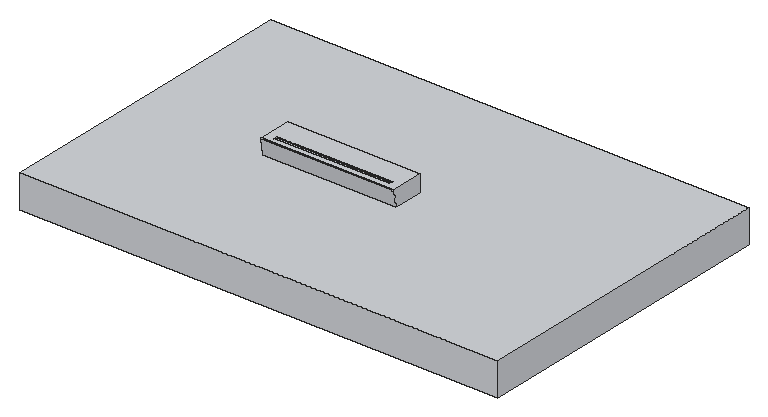
Revit family
Parameters
  Width = 1' - 0"
  URL = "www.coldspringgranite.com"
  TypicalJointSize = 0' - 0 1/4"
  StopCarborundumRight = 0' - 3"
  StopCarborundumLeft = 0' - 3"
  StoneMaterial = none
  SettingSpace = AirGap + Height  # 0' - 7 1/8"
  RightCarborundumVisibilityOn = not(RightCarborundumVisibilityOff)  # no
  RightCarborundumVisibilityOff = StopCarborundumRight > 0' 0"  # yes
  Product Name = "Stair Tread Stone for Cubic Application - Splayed Front Edge with One Carborundum Strip"
  Product Documentation Link = "http://www.coldspringgranite.com/BIM_Families/Family_Detail/Stair_Tread_Stone_for_Cubic_Application_-_Splayed_Front_Edge_with_One_Carborundum_Strip/"
  PhoneNumber = "800-551-7502"
  Notes = ""
  NosingRadius = 0' - 0 1/4"
  Model = "N/A"
  Manufacturer = "Cold Spring Granite Company"
  Low Emitting Material = yes
  Low Emitting Finish = yes
  Location = "17482 Granite West Road, Cold Spring, MN 56320-4578"
  Length = 4' - 0"
  LeftCarborundumVisibilityOff = StopCarborundumLeft > 0' 0"  # yes
  LEED Credit = ""
  Keynote = "096340"
  JointRightOff = no
  JointRight = if(JointRightOff, 0' 0", TypicalJointSize / 2)  # 0' - 0 1/8"
  JointLeftOff = no
  JointLeft = if(JointLeftOff, 0' 0", TypicalJointSize / 2)  # 0' - 0 1/8"
  Height = 0' - 6 1/8"
  HeadSize = 0' - 6"
  Description = "Stone Stair Tread Cubic Splayed Single Carborundum"
  Default Elevation = 0' - 0"
  CarborundumWidth = 0' - 1 1/2"
  LeftCarborundumVisibilityOn = not(LeftCarborundumVisibilityOff)  # no
  CarborundumSetBack = 0' - 2"
  CarborundumDepth = 0' - 0 1/4"
  BackJointWidth = 0' - 3"
  Assembly Code = "C2010100"
  AngledHeadDepth = 0' - 1"
  AirGap = 0' - 1"
  ADA Compliant = yes
Reference planes (in)
  plane 1 "Center (Front/Back)": y = 0
  plane 2: z = 0
  plane 3 "Center (Left/Right)": x = 0
  plane 4 "StoneLeft": x = 0.125
  plane 5 "StoneRight": x = 47.875
  plane 6 "Right": x = 48
  plane 7 "CarborundumLeft": x = 3.125
  plane 8 "CarborundumRight": x = 44.875
  plane 9 "StoneBack": y = 12
  plane 10 "StoneFace": z = 7.125
  plane 11 "CarborundumBottom": z = 6.875
  plane 12 "HeadBottom": z = 1.125
  plane 13 "StoneBottom": z = 1
  plane 14 "CarborundumFront": y = 2
  plane 15 "CarborundumBack": y = 3.5
  plane 16 "BackJoint": y = 3
  plane 17 "AngleHead": y = 1
  plane 18 "NosingRadiusBottom": z = 6.875
Forms (in)
  Extrusion 1, solid
    sketch origin (0, 0, 0) x (1, 0, 0) y (0, 1, 0)
      loop
        line (-48, 64.5) -> (-48, -48) -> (124.0595, -48) -> (124.0595, 64.5) -> (-48, 64.5)
    from 0 to -12
  Extrusion 2, solid, material <- "StoneMaterial", detail levels medium+fine
    sketch origin (0, 0, 0) x (0, 1, 0) y (0, 0, 1)
      loop
        line (12, 1) -> (12, 7.125) -> (0.29512, 7.125)
        arc (0.29512, 7.125) -> (0.10436, 7.03659) -> (0.04852, 6.8339) r 0.25
        line (0.04852, 6.8339) -> (1.02083, 1) -> (12, 1)
    from 0.125 to 47.875
  Extrusion 3, void
    sketch origin (0, 0, 0) x (0, 1, 0) y (0, 0, 1)
      loop
        line (3.5, 7.125) -> (2, 7.125) -> (2, 6.875) -> (3.5, 6.875) -> (3.5, 7.125)
    from 3.125 to 44.875
  Extrusion 4, void
    sketch origin (0, 0, 0) x (0, 1, 0) y (0, 0, 1)
      loop
        line (3, 1.125) -> (1, 1.125) -> (1, 1) -> (3, 1) -> (3, 1.125)
    from 0.125 to 47.875
  Extrusion 5, solid, material <- "StoneMaterial", detail levels coarse
    sketch origin (0, 0, 0) x (0, 1, 0) y (0, 0, 1)
      loop
        line (12, 1) -> (12, 7.125) -> (0, 7.125) -> (1.02083, 1) -> (12, 1)
    from 0 to 48
Cuts and joins
  Extrusion 3, Extrusion 4 cuts Extrusion 2
Lines and regions (in)
  Masking region 1, detail levels coarse
    outline origin (0, 0, 0) x (1, 0, 0) y (0, 1, 0)
      loop
        line (0, 12) -> (0, 0) -> (48, 0) -> (48, 12) -> (0, 12)
  Masking region 2, detail levels medium+fine
    outline origin (0, 0, 0) x (1, 0, 0) y (0, 1, 0)
      loop
        line (0.125, 12) -> (0.125, 0) -> (47.875, 0) -> (47.875, 12) -> (0.125, 12)
  Masking region 3, detail levels coarse
    outline origin (0, 0, 0) x (1, 0, 0) y (0, 0, 1)
      loop
        line (0, 7.125) -> (0, 1) -> (48, 1) -> (48, 7.125) -> (0, 7.125)
  Masking region 4, detail levels medium+fine
    outline origin (0, 0, 0) x (1, 0, 0) y (0, 0, 1)
      loop
        line (0.125, 7.125) -> (0.125, 1.125) -> (47.875, 1.125) -> (47.875, 7.125) -> (0.125, 7.125)
  Masking region 5, detail levels fine
    outline origin (0, 0, 0) x (0, 1, 0) y (0, 0, 1)
      loop
        line (12, 7.125) -> (3.5, 7.125) -> (3.5, 6.875) -> (2, 6.875) -> (2, 7.125) -> (0.29512, 7.125) -> (0, 7.125) -> (0.04852, 6.8339) -> (1, 1.125) -> (3, 1.125) -> (3, 1) -> (12, 1) -> (12, 7.125)
  Masking region 6, visible <- "LeftCarborundumVisibilityOn", detail levels medium
    outline origin (0, 0, 0) x (0, 1, 0) y (0, 0, 1)
      loop
        line (12, 1) -> (12, 7.125) -> (3.5, 7.125) -> (3.5, 6.875) -> (2, 6.875) -> (2, 7.125) -> (0.29512, 7.125) -> (0, 7.125) -> (0.04852, 6.8339) -> (1, 1.125) -> (3, 1.125) -> (3, 1) -> (12, 1)
  Masking region 7, visible <- "LeftCarborundumVisibilityOff", detail levels medium
    outline origin (0, 0, 0) x (0, 1, 0) y (0, 0, 1)
      loop
        line (12, 1) -> (12, 7.125) -> (0.29512, 7.125) -> (0, 7.125) -> (0.04852, 6.8339) -> (1, 1.125) -> (3, 1.125) -> (3, 1) -> (12, 1)
  Masking region 8, detail levels coarse
    outline origin (0, 0, 0) x (0, 1, 0) y (0, 0, 1)
      loop
        line (12, 1) -> (12, 7.125) -> (0, 7.125) -> (1.02083, 1) -> (12, 1)
  Masking region 9, visible <- "RightCarborundumVisibilityOn", detail levels medium
    outline origin (48, 0, 0) x (0, 1, 0) y (0, 0, 1)
      loop
        line (0.04852, 6.8339) -> (1, 1.125) -> (3, 1.125) -> (3, 1) -> (12, 1) -> (12, 7.125) -> (3.5, 7.125) -> (3.5, 6.875) -> (2, 6.875) -> (2, 7.125) -> (0.29512, 7.125) -> (0, 7.125) -> (0.04852, 6.8339)
  Masking region 10, visible <- "RightCarborundumVisibilityOff", detail levels medium
    outline origin (48, 0, 0) x (0, 1, 0) y (0, 0, 1)
      loop
        line (0.29512, 7.125) -> (0, 7.125) -> (0.04852, 6.8339) -> (1, 1.125) -> (3, 1.125) -> (3, 1) -> (12, 1) -> (12, 7.125) -> (0.29512, 7.125)
  symbolic lines, detail levels medium+fine
    curve 1: line (3.125, 3.5, 0) -> (44.875, 3.5, 0)
    curve 2: line (44.875, 2, 0) -> (3.125, 2, 0)
    curve 3: line (44.875, 3.5, 0) -> (44.875, 2, 0)
    curve 8: line (3.125, 3.5, 0) -> (3.125, 2, 0)
    curve 9: arc (0, 0.29512, 7.125) -> (0, 0.10436, 7.03659) -> (0, 0.04852, 6.8339) r 0.25
  reference lines
    curve 4: line (0, 0, 7.125) -> (0, 1, 1.125)
    curve 5: line (0, 1.97306, -3.19269) -> (0, 0.77201, 4.01361)
    curve 6: line (0, 0.29512, 6.875) -> (0, 0.29512, 10.625)
    curve 7: line (0, 0.29512, 6.875) -> (0, -2.66407, 6.3818)
Dimensions and locks (in)
  "Length": plane 3 "Center (Left/Right)" to plane 6 "Right"
  "JointLeft": plane 3 "Center (Left/Right)" to plane 4 "StoneLeft"
  "JointRight": plane 5 "StoneRight" to plane 6 "Right"
  "Width": plane 1 "Center (Front/Back)" to plane 9 "StoneBack"
  "StopCarborundumLeft": plane 7 "CarborundumLeft" to plane 4 "StoneLeft"
  "StopCarborundumRight": plane 5 "StoneRight" to plane 8 "CarborundumRight"
  "Height": plane 10 "StoneFace" to plane 13 "StoneBottom"
  "SettingSpace": plane 10 "StoneFace" to plane 2
  "CarborundumDepth": plane 10 "StoneFace" to plane 11 "CarborundumBottom"
  "CarborundumSetBack": plane 14 "CarborundumFront" to plane 1 "Center (Front/Back)"
  "CarborundumWidth": plane 15 "CarborundumBack" to plane 14 "CarborundumFront"
  "HeadSize": plane 10 "StoneFace" to plane 12 "HeadBottom"
  "BackJointWidth": plane 16 "BackJoint" to plane 1 "Center (Front/Back)"
  "AngledHeadDepth": plane 17 "AngleHead" to plane 1 "Center (Front/Back)"
  "NosingRadius": plane 10 "StoneFace" to plane 18 "NosingRadiusBottom"
  "NosingRadius": curve 4 to curve 5
  "NosingRadius": radius of Extrusion 2 sketch curve
  angle plane 18 "NosingRadiusBottom" to curve 6 = 90.00°
  angle curve 5 to curve 7 = 90.00°
  aligned and locked: Extrusion 1 to plane 2
  aligned and locked: level to Extrusion 1
  aligned and locked: curve 1 to plane 15 "CarborundumBack"
  aligned and locked: curve 3 to plane 8 "CarborundumRight"
  aligned and locked: plane 1 "Center (Front/Back)" to curve 4
  aligned and locked: plane 10 "StoneFace" to curve 4
  aligned and locked: plane 12 "HeadBottom" to curve 4
  aligned and locked: plane 17 "AngleHead" to curve 4
  aligned and locked: plane 9 "StoneBack" to Extrusion 2 sketch curve
  aligned and locked: plane 13 "StoneBottom" to Extrusion 2 sketch curve
  aligned and locked: plane 10 "StoneFace" to Extrusion 2 sketch curve  (x2)
  aligned and locked: curve 6 to Extrusion 2 sketch curve
  aligned and locked: curve 7 to Extrusion 2 sketch curve
  aligned and locked: curve 4 to Extrusion 2 sketch curve
  aligned and locked: plane 5 "StoneRight" to Extrusion 2
  aligned and locked: Extrusion 2 to plane 4 "StoneLeft"
  aligned and locked: Extrusion 3 sketch curve to plane 10 "StoneFace"
  aligned and locked: Extrusion 3 sketch curve to plane 15 "CarborundumBack"
  aligned and locked: plane 11 "CarborundumBottom" to Extrusion 3 sketch curve
  aligned and locked: plane 14 "CarborundumFront" to Extrusion 3 sketch curve
  aligned: plane 5 "StoneRight" to Extrusion 3
  aligned: Extrusion 3 to plane 4 "StoneLeft"
  aligned and locked: Extrusion 4 sketch curve to plane 12 "HeadBottom"
  aligned and locked: plane 16 "BackJoint" to Extrusion 4 sketch curve
  aligned and locked: plane 13 "StoneBottom" to Extrusion 4 sketch curve
  aligned and locked: Extrusion 4 sketch curve to plane 17 "AngleHead"
  aligned and locked: Extrusion 4 to plane 4 "StoneLeft"
  aligned and locked: plane 5 "StoneRight" to Extrusion 4
  aligned and locked: plane 8 "CarborundumRight" to Extrusion 3
  aligned and locked: Extrusion 3 to plane 7 "CarborundumLeft"
  aligned and locked: plane 9 "StoneBack" to Extrusion 5 sketch curve
  aligned and locked: plane 10 "StoneFace" to Extrusion 5 sketch curve
  aligned and locked: plane 13 "StoneBottom" to Extrusion 5 sketch curve
  aligned and locked: Extrusion 5 sketch curve to cut or joined group of Extrusion 2, Extrusion 3, Extrusion 4
  aligned and locked: plane 6 "Right" to Extrusion 5
  aligned and locked: Extrusion 5 to plane 3 "Center (Left/Right)"
  aligned and locked: Masking region 1 sketch curve to plane 9 "StoneBack"
  aligned and locked: plane 3 "Center (Left/Right)" to Masking region 1 sketch curve
  aligned and locked: Masking region 1 sketch curve to plane 6 "Right"
  aligned and locked: Masking region 1 sketch curve to plane 1 "Center (Front/Back)"
  aligned and locked: Masking region 2 sketch curve to plane 9 "StoneBack"
  aligned and locked: plane 4 "StoneLeft" to Masking region 2 sketch curve
  aligned and locked: Masking region 2 sketch curve to plane 5 "StoneRight"
  aligned and locked: Masking region 2 sketch curve to plane 1 "Center (Front/Back)"
  aligned and locked: curve 8 to cut or joined group of Extrusion 2, Extrusion 3, Extrusion 4
  aligned and locked: Masking region 3 sketch curve to plane 10 "StoneFace"
  aligned and locked: plane 3 "Center (Left/Right)" to Masking region 3 sketch curve
  aligned and locked: plane 13 "StoneBottom" to Masking region 3 sketch curve
  aligned and locked: Masking region 3 sketch curve to plane 6 "Right"
  aligned and locked: Masking region 4 sketch curve to plane 10 "StoneFace"
  aligned and locked: plane 4 "StoneLeft" to Masking region 4 sketch curve
  aligned and locked: Masking region 4 sketch curve to plane 5 "StoneRight"
  aligned and locked: plane 12 "HeadBottom" to Masking region 4 sketch curve
  aligned and locked: plane 10 "StoneFace" to Masking region 5 sketch curve
  aligned and locked: plane 9 "StoneBack" to Masking region 5 sketch curve
  aligned and locked: plane 13 "StoneBottom" to Masking region 5 sketch curve
  aligned and locked: plane 12 "HeadBottom" to Masking region 5 sketch curve
  aligned and locked: plane 16 "BackJoint" to Masking region 5 sketch curve
  aligned and locked: plane 15 "CarborundumBack" to Masking region 5 sketch curve
  aligned and locked: plane 14 "CarborundumFront" to Masking region 5 sketch curve
  aligned and locked: curve 4 to Masking region 5 sketch curve
  aligned and locked: plane 11 "CarborundumBottom" to Masking region 5 sketch curve
  aligned and locked: curve 6 to Masking region 5 sketch curve
  aligned and locked: curve 7 to Masking region 5 sketch curve
  aligned and locked: curve 9 to cut or joined group of Extrusion 2, Extrusion 3, Extrusion 4
  aligned and locked: curve 7 to curve 9
  aligned and locked: plane 9 "StoneBack" to Masking region 6 sketch curve
  aligned and locked: plane 10 "StoneFace" to Masking region 6 sketch curve
  aligned and locked: plane 11 "CarborundumBottom" to Masking region 6 sketch curve
  aligned and locked: plane 12 "HeadBottom" to Masking region 6 sketch curve
  aligned and locked: plane 13 "StoneBottom" to Masking region 6 sketch curve
  aligned and locked: plane 16 "BackJoint" to Masking region 6 sketch curve
  aligned and locked: plane 15 "CarborundumBack" to Masking region 6 sketch curve
  aligned and locked: plane 14 "CarborundumFront" to Masking region 6 sketch curve
  aligned and locked: curve 4 to Masking region 6 sketch curve
  aligned and locked: curve 6 to Masking region 6 sketch curve
  aligned and locked: curve 7 to Masking region 6 sketch curve
  aligned and locked: plane 9 "StoneBack" to Masking region 7 sketch curve
  aligned and locked: plane 13 "StoneBottom" to Masking region 7 sketch curve
  aligned and locked: plane 12 "HeadBottom" to Masking region 7 sketch curve
  aligned and locked: plane 16 "BackJoint" to Masking region 7 sketch curve
  aligned and locked: curve 4 to Masking region 7 sketch curve
  aligned and locked: curve 6 to Masking region 7 sketch curve
  aligned and locked: curve 7 to Masking region 7 sketch curve
  aligned and locked: plane 9 "StoneBack" to Masking region 8 sketch curve
  aligned and locked: plane 10 "StoneFace" to Masking region 8 sketch curve
  aligned and locked: plane 13 "StoneBottom" to Masking region 8 sketch curve
  aligned and locked: Masking region 8 sketch curve to curve 4
  aligned and locked: curve 4 to Masking region 9 sketch curve
  aligned and locked: Masking region 9 sketch curve to plane 12 "HeadBottom"
  aligned and locked: Masking region 9 sketch curve to plane 13 "StoneBottom"
  aligned and locked: Masking region 9 sketch curve to plane 14 "CarborundumFront"
  aligned and locked: Masking region 9 sketch curve to plane 15 "CarborundumBack"
  aligned and locked: Masking region 9 sketch curve to plane 16 "BackJoint"
  aligned and locked: Masking region 9 sketch curve to plane 11 "CarborundumBottom"
  aligned and locked: Masking region 9 sketch curve to plane 10 "StoneFace"
  aligned and locked: Masking region 9 sketch curve to plane 9 "StoneBack"
  aligned and locked: curve 6 to Masking region 9 sketch curve
  aligned and locked: curve 7 to Masking region 9 sketch curve
  aligned and locked: Masking region 10 sketch curve to plane 10 "StoneFace"
  aligned and locked: curve 4 to Masking region 10 sketch curve
  aligned and locked: Masking region 10 sketch curve to plane 12 "HeadBottom"
  aligned and locked: Masking region 10 sketch curve to plane 13 "StoneBottom"
  aligned and locked: Masking region 10 sketch curve to plane 9 "StoneBack"
  aligned and locked: curve 7 to Masking region 10 sketch curve
  aligned and locked: curve 6 to Masking region 10 sketch curve
  aligned and locked: plane 7 "CarborundumLeft" to curve 2
  aligned and locked: plane 7 "CarborundumLeft" to curve 1
  aligned and locked: plane 14 "CarborundumFront" to curve 8
  aligned and locked: plane 15 "CarborundumBack" to curve 3
  aligned and locked: plane 14 "CarborundumFront" to curve 3
  aligned and locked: plane 8 "CarborundumRight" to curve 2
Automatic sketch dimensions
  Extrusion 1 sketch curve to Extrusion 1 sketch curve = 14' - 4.0595"
  Extrusion 1 sketch curve to Extrusion 1 sketch curve = 9' - 4 1/2"
  curve 6 to plane 18 "NosingRadiusBottom" = 0' - 0"
  curve 7 to curve 6 = 0' - 0"
  curve 5 to plane 14 "CarborundumFront" = 0' - 0.02694"
  Masking region 5 sketch curve to plane 1 "Center (Front/Back)" = 0' - 0"
  Masking region 5 sketch curve to plane 10 "StoneFace" = 0' - 0"
  Masking region 6 sketch curve to plane 1 "Center (Front/Back)" = 0' - 0"
  Masking region 6 sketch curve to plane 10 "StoneFace" = 0' - 0"
  Masking region 7 sketch curve to plane 1 "Center (Front/Back)" = 0' - 0"
  Masking region 7 sketch curve to plane 10 "StoneFace" = 0' - 0"
  Masking region 9 sketch curve to plane 1 "Center (Front/Back)" = 0' - 0"
  Masking region 9 sketch curve to plane 10 "StoneFace" = 0' - 0"
  Masking region 10 sketch curve to plane 1 "Center (Front/Back)" = 0' - 0"
  Masking region 10 sketch curve to plane 16 "BackJoint" = 0' - 0"
Nested families (in)
  nested 1: "CopyRight" at (0, 0, 0), type "CopyRight"
Definition of nested family "CopyRight"
  Parameters (values of type "CopyRight")
    CopyRight = "Cold Spring Granite Company"
  Reference planes (in)
    plane 1: z = 0
